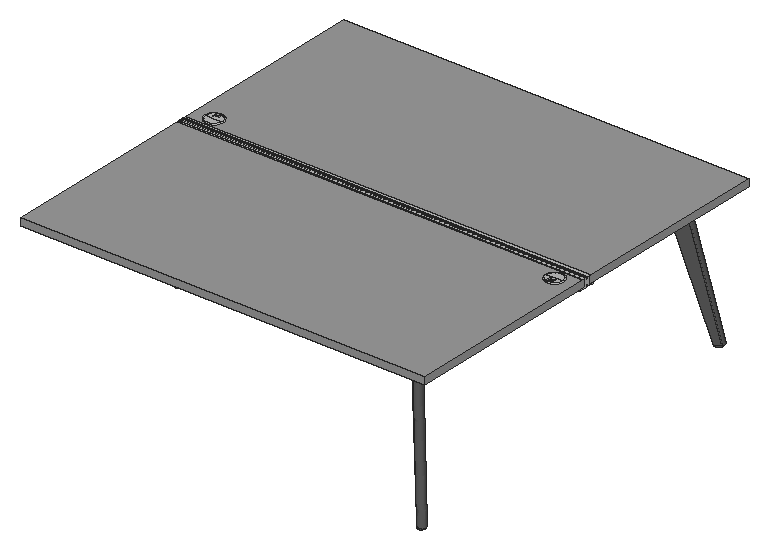
Revit family "Haworth_AWood_Bench_FixedLegs_DoubleEndModule_EU_PRELIMINARY", category Furniture, Revit 2019
Family settings
  OmniClass Number = 23.40.70.14.64.11
  OmniClass Title = Office Furniture
  Work Plane-Based = No
  Always vertical = Yes
  Cut with Voids When Loaded = No
  Shared = No
  Room Calculation Point = No
Parameters (values of type "200 x 200")
  Worksurface Depth = "160, 180, 200cm"  # constant formula
  Worksurface Width = "120, 140, 160, 180, 200cm"  # constant formula
  Warranty = "http://www.haworth.com/resources/product-info/warranties"
  URL - Product = "https://www.haworth.com/eu/en/products/office-desks/a-wood.html?_br_psugg_q=awood"
  Type Comments = ""
  URL = "https://www.haworth.com/eu/en.html"
  Trim Finish = Haworth _ Metal _ Structured White EC
  Tray Depth = Actual Depth - 60 cm  # 140 cm
  Top Finish [instance] = Haworth _ Laminate _ Undecided _ Tables
  Small = no
  Size = "Verify Final Dim.w/ Haworth"  # constant formula
  Round Cable Outlet = yes
  Revision Number = "1"  # constant formula
  No Accessory Kit = not(or(Accessory Kit, Flip Top Cable Outlet, Round Cable Outlet))  # no
  Model = "AWB5LXXXX"  # constant formula
  Medium = not(or(Large, Small))  # no
  Manufacturer = "Haworth"  # constant formula
  Leg Height = Actual Height - 3.5 cm  # 69.5 cm
  Large = yes
  Flip Top Finish = Haworth _ Paint _ Metallic Silver
  Flip Top Cable Outlet = no
  Description = "Haworth - A_Wood - Fixed Legs - Double End Module"  # constant formula
  Depth = if(Central Rail, Actual Depth / 2 - 1 cm, Actual Depth)  # 99 cm
  Central Rail = yes
  Base Finish [instance] = Haworth _ Paint _ Black
  Author = "Haworth (Abd Rahman)"  # constant formula
  Assembly Code = "E2020200"
  Actual Width = 200 cm
  Actual Height = 73 cm  # constant formula
  Actual Depth = if(Small, 160 cm, if(Medium, 180 cm, 200 cm))  # 200 cm
  Accessory Kit = yes
Types (8, lengths in cm): name | Tray Depth | Small | Round Cable Outlet | No Accessory Kit | Medium | Large | Flip Top Cable Outlet | Depth | Central Rail | Actual Width | Actual Depth | Accessory Kit
  120 x 160 | 100 | yes | no | yes | no | no | no | 160 | no | 120 | 160 | no
  140 x 180 | 120 | no | no | yes | yes | no | no | 89 | yes | 140 | 180 | no
  160 x 200 | 140 | no | yes | no | no | yes | no | 99 | yes | 160 | 200 | no
  180 x 160 | 100 | yes | no | no | no | no | yes | 160 | no | 180 | 160 | yes
  200 x 180 | 120 | no | yes | no | yes | no | no | 89 | yes | 200 | 180 | no
  200 x 200 | 140 | no | yes | no | no | yes | no | 99 | yes | 200 | 200 | yes
  160 x 160 | 100 | yes | no | no | no | no | yes | 160 | no | 160 | 160 | yes
  180 x 180 | 120 | no | no | yes | yes | no | no | 89 | yes | 180 | 180 | no
Reference planes (cm)
  plane 1 "Center F/B": y = 17.4526
  plane 2: z = 0
  plane 3 "Center L/R": x = 11.43
  plane 4 "Top": z = 73
  plane 5 "Left": x = -88.57
  plane 6 "Right": x = 111.43
  plane 7 "Back": y = 117.4526
  plane 8 "Front": y = -82.5474
  plane 9: y = 102.4526
  plane 10: y = -67.5474
  plane 11: z = 70.5
  plane 12: z = 69.5
  plane 13: x = -83.57
  plane 14: x = 106.43
  plane 15: x = -68.57
Dimensions and locks (cm)
  "Actual Height": plane 4 "Top" to level
  equal spacing: plane 7 "Back", plane 1 "Center F/B", plane 8 "Front"
  "Actual Depth": plane 7 "Back" to plane 8 "Front"
  equal spacing: plane 5 "Left", plane 3 "Center L/R", plane 6 "Right"
  "Actual Width": plane 5 "Left" to plane 6 "Right"
  plane 4 "Top" to plane 11 to plane 12 = 2.5 cm locked, 1 cm locked
  locked: plane 5 "Left" to plane 13 at 5
  locked: plane 14 to plane 6 "Right" at 5
  locked: plane 8 "Front" to plane 10 at 15
  locked: plane 7 "Back" to plane 9 at 15
  locked: plane 5 "Left" to plane 15 at 20
  aligned and locked: plane 3 "Center L/R" to nested 3
  aligned and locked: nested 3 to plane 4 "Top"
  aligned and locked: nested 4 to plane 13
  aligned and locked: plane 4 "Top" to nested 4
  aligned and locked: plane 3 "Center L/R" to nested 2
  aligned and locked: nested 2 to plane 8 "Front"
  aligned and locked: plane 3 "Center L/R" to nested 5
  aligned and locked: plane 7 "Back" to nested 5
  aligned and locked: plane 3 "Center L/R" to nested 6
  aligned and locked: nested 6 to plane 1 "Center F/B"
  aligned and locked: nested 6 to plane 4 "Top"
  aligned and locked: nested 6 to nested 3
  aligned and locked: nested 7 to plane 3 "Center L/R"
  aligned and locked: nested 7 to nested 6
  aligned and locked: plane 4 "Top" to nested 7
  aligned and locked: nested 6 to nested 4
  aligned and locked: nested 8 to plane 14
  aligned and locked: plane 4 "Top" to nested 8
  aligned and locked: nested 6 to nested 8
  aligned and locked: nested 1 to plane 1 "Center F/B"
  aligned and locked: plane 15 to nested 1
  aligned and locked: nested 9 to plane 1 "Center F/B"
  aligned and locked: nested 9 to plane 14
  aligned and locked: nested 9 to plane 12
  aligned and locked: nested 10 to plane 9
  aligned and locked: nested 10 to plane 14
  aligned and locked: plane 10 to nested 11
  aligned and locked: nested 11 to plane 14
  aligned and locked: nested 10 to plane 12
  aligned and locked: plane 12 to nested 11
Nested families (cm)
  nested 1: "Haworth_A_Wood_SingleLeg_PART" at (-7.9589, 15.6423, 0) x (0.7071, -0.7071, 0) z (0, 0, 1), Leg Finish <- "Base Finish", type "A_Wood Legs - PART"
    with Leg Finish Haworth _ Paint _ Black
  nested 2: "Haworth_A_Wood_Top_Rectangular-PART" at (170.2444, 38.0136, 0), Top Finish <- "Top Finish", visible <- "Central Rail", type "A_Wood Top Rectangular - PART"
    with Top Finish Haworth _ Laminate _ Undecided _ Tables, Void Depth 0 cm, Scallop no, Rounded Corners no, Actual Width 200 cm, Actual Depth 99 cm
  nested 3: "Haworth-Flip Top" at (9.9813, 26.3193, -7), visible <- "Flip Top Cable Outlet", type "Flip Top - Visio"
    with Actual Width 25 cm
  nested 4: "Haworth_Grommet-PART" at (-63.3841, 54.6626, 20.7768), visible <- "Round Cable Outlet", type "Cable Outlet"
  nested 5: "Haworth_A_Wood_Top_Rectangular-PART" at (170.2444, 139.0136, 0), Top Finish <- "Top Finish", type "A_Wood Top Rectangular - PART"
    with Top Finish Haworth _ Laminate _ Undecided _ Tables, Void Depth 0 cm, Scallop no, Rounded Corners no, Actual Width 200 cm, Actual Depth 99 cm
  nested 6: "Haworth_A_Wood_Accessories_CentralRail_PART" at (170.2444, 67.0136, -0.075), visible <- "Central Rail", type "A_Wood Rail - PART"
    with Actual Width 200 cm
  nested 7: "Haworth-Flip Top" at (9.9813, 8.586, -7), visible <- "Flip Top Cable Outlet", type "Flip Top - Visio"
    with Actual Width 25 cm
  nested 8: "Haworth_Grommet-PART" at (86.2441, -19.7574, 20.7768) x (-1, 0, 0) z (0, 0, 1), visible <- "Round Cable Outlet", type "Cable Outlet"
  nested 9: "Haworth_A_Wood_Accessories_SideGirder_PART" at (40.3691, 176.267, -3.5) x (0, 1, 0) z (0, 0, 1), type "A_Wood Legs - PART"
    with Actual Width 140 cm
  nested 10: "Haworth_A_Wood_SingleLeg_PART" at (46.6156, 52.2596, 0) x (-1, 0, 0) z (0, 0, 1), Leg Finish <- "Base Finish", type "A_Wood Legs - PART"
    with Leg Finish Haworth _ Paint _ Black
  nested 11: "Haworth_A_Wood_SingleLeg_PART" at (46.6156, -17.3543, 0) x (-1, 0, 0) z (0, 0, 1), Leg Finish <- "Base Finish", type "A_Wood Legs - PART"
    with Leg Finish Haworth _ Paint _ Black
Definition of nested family "Haworth_A_Wood_SingleLeg_PART"
  Parameters (values of type "A_Wood Legs - PART")
    Warranty = "https://www.haworth.com/resources/product-info/warranties"
    URL - Product = ""
    Model = "Haworth - A_Wood"  # constant formula
    Metal Finish = none
    Leg Finish [instance] = none
    Description = "Haworth - A_Wood - Legs - PART"  # constant formula
    URL = ""
    Revision Number = "1"  # constant formula
    Manufacturer = "Haworth"  # constant formula
    Author = "Haworth (Abd Rahman)"  # constant formula
    Assembly Code = "E2020200"
    Actual Height = 73 cm  # constant formula
  Reference planes (cm)
    plane 1 "Bottom": z = 0
    plane 2 "Top": z = 73
    plane 3 "Top Bottom": z = 69.5
    plane 4: x = -59.8144
    plane 5: x = -39.3144
    plane 6: y = -39.9431
    plane 7 "Front": y = -60.4431
    plane 8: x = -49.5644
    plane 9: y = -50.1931
  Forms (cm)
    SweptBlend 1, solid, material <- "Leg Finish"
      path origin (-58.7425, -59.2694, 121.92) x (-0.707107, -0.707107, 0) y (0, 0, -1)
        loop
          line (-1.6984, 123.3068) -> (-17.8231, 51.5727)
      profile origin (-57.5416, -58.0684, -1.3868) x (-0.689892, -0.689892, 0.219313) y (0.707107, -0.707107, 0)
        loop
          line (-2.6886, 1.6172) -> (-2.6886, -2.1828) -> (0.0676, -2.1828)
          arc (0.0676, -2.1828) -> (1.9676, -0.2828) -> (0.0676, 1.6172) r 1.9
          line (0.0676, 1.6172) -> (-2.6886, 1.6172)
      end profile origin (-46.1396, -46.6665, 70.3473) x (-0.689892, -0.689892, 0.219313) y (0.707107, -0.707107, 0)
        loop
          line (-7.1321, -2.1828) -> (0, -2.1828)
          arc (0, -2.1828) -> (1.9, -0.2828) -> (0, 1.6172) r 1.9
          line (0, 1.6172) -> (-7.1321, 1.6172) -> (-7.1321, -2.1828)
    Extrusion 2, void
      sketch origin (-58.7425, -59.2694, 121.92) x (-0.707107, -0.707107, 0) y (0, 0, -1)
        loop
          line (-22.8359, 60.9135) -> (-31.3359, 60.9135) -> (-31.3359, 46.4135) -> (-6.8632, 46.4135) -> (-6.8632, 53.0135) -> (-22.8359, 53.0135) -> (-22.8359, 60.9135)
        loop
          line (1.2172, 120.9135) -> (1.2172, 124.4135) -> (-5.7828, 124.4135) -> (-5.7828, 120.9135) -> (1.2172, 120.9135)
      from -2.1828 to 1.6172
    Extrusion 3, solid, material <- "Metal Finish"
      sketch origin (22.515, 0, 0) x (-1, 0, 0) y (0, -1, 0)
        loop
          arc (63.3082, 55.3567) -> (64.353, 43.9204) -> (75.222, 40.2132) r 10.5502
          arc (75.222, 40.2132) -> (77.0947, 53.9447) -> (63.3082, 55.3567) r 9.6395
        loop
          circle (75.5231, 43.1034) r 0.6436
        loop
          circle (69.4207, 42.3367) r 0.5
        loop
          circle (63.9678, 47.7855) r 0.5
        loop
          circle (64.6924, 53.9741) r 0.6849
        loop
          circle (74.6212, 53.0565) r 0.7071
      from 68.9065 to 69.5
    Revolve 4, solid
      sketch origin (-0.1869, -57.1918, 0) x (1, 0, 0) y (0, 0, 1)
        loop
          line (-56.6292, 1.0037) -> (-56.6292, 0) -> (-54.9292, 0) -> (-54.9292, 0.4) -> (-56.0292, 0.4) -> (-56.0292, 1.0037) -> (-56.6292, 1.0037)
        axis (-56.6292, 1.0037) -> (-56.6292, 0)
      angle from 0 to 360
    Extrusion 5, solid, material <- "Metal Finish"
      sketch origin (-25.6346, -85.9201, 0) x (0.707107, -0.707107, 0) y (0, 0, 1)
        loop
          line (-44.0328, 69.5) -> (-44.0328, 62.4065) -> (-41.0328, 62.4065) -> (-41.0328, 69.5) -> (-44.0328, 69.5)
        loop
          circle (-42.5693, 66.9745) r 1
        loop
          circle (-42.5978, 63.7457) r 1
      from -18.4115 to -18.1579
    Extrusion 6, void
      sketch origin (-25.6346, -85.9201, 0) x (0.707107, -0.707107, 0) y (0, 0, 1)
        loop
          circle (-42.5693, 66.9745) r 1
        loop
          circle (-42.5978, 63.7457) r 1
      from -20.0066 to -17.9454
  Cuts and joins
    Extrusion 2, Extrusion 6 cuts SweptBlend 1
    Extrusion 6 cuts Extrusion 5
    joined: Extrusion 3, Extrusion 5
  Lines and regions (cm)
    symbolic lines, detail levels medium+fine
      curve 1: arc (-53.9353, -40.9662, 0) -> (-42.6617, -43.3429, 0) -> (-40.285, -54.6165, 0) r 10.5502
      curve 2: arc (-40.285, -54.6165, 0) -> (-46.2123, -57.5166, 0) -> (-52.6178, -55.9317, 0) r 9.6539
      curve 3: line (-58.7572, -56.6971, 0) -> (-55.2939, -53.2338, 0)
      curve 4: line (-52.6178, -55.9317, 0) -> (-56.0702, -59.3841, 0)
      curve 5: arc (-56.074, -59.3805, 0) -> (-58.786, -59.4129, 0) -> (-58.7536, -56.7008, 0) r 1.8953
      curve 6: arc (-55.2939, -53.2338, 0) -> (-56.8312, -46.8545, 0) -> (-53.9353, -40.9662, 0) r 9.6539
  Dimensions and locks (cm)
    "Actual Height": plane 2 "Top" to level
    plane 2 "Top" to plane 3 "Top Bottom" = 3.5 cm
    equal spacing: plane 4, plane 8, plane 5
    equal spacing: plane 6, plane 9, plane 7 "Front"
    Extrusion 5 sketch curve to cut or joined group of SweptBlend 1, Extrusion 2, Extrusion 6 = 0.3942 cm
    Extrusion 5 sketch curve to Extrusion 5 sketch curve = 3 cm
  Automatic sketch dimensions
    curve 2 to curve 6 = 0 cm  (x2)
    plane 4 to curve 5 = 2.3685 cm
    plane 4 to curve 3 = 4.5204 cm
    curve 4 to plane 8 = 3.0535 cm
    curve 1 to plane 8 = 0.5574 cm
    plane 8 to curve 6 = 2.3284 cm
    curve 5 to plane 7 "Front" = 2.3704 cm
    curve 4 to plane 7 "Front" = 4.5114 cm
    curve 3 to plane 9 = 3.0407 cm
    curve 1 to plane 9 = 0.6099 cm
    curve 1 to curve 6 = 2.8858 cm
    plane 4 to curve 5 = 1.0607 cm
    curve 3 to curve 5 = 0.0036 cm
    curve 5 to curve 5 = 1.3718 cm
    curve 4 to plane 7 "Front" = 1.059 cm
    curve 5 to curve 4 = 0.0038 cm
    curve 1 to plane 6 = 1.0231 cm
    curve 4 to curve 5 = 0.0036 cm
    curve 5 to curve 3 = 0.0038 cm
    plane 3 "Top Bottom" to SweptBlend 1 sketch curve = 0.8473 cm
    SweptBlend 1 sketch curve to level = 1.3868 cm
    SweptBlend 1 sketch curve to SweptBlend 1 sketch curve = 16.1248 cm
    profile plane to SweptBlend 1 sketch curve = 1.6172 cm
    profile plane to SweptBlend 1 sketch curve = 2.6886 cm
    SweptBlend 1 sketch curve to profile plane = 0.0676 cm
    SweptBlend 1 sketch curve to profile plane = 0.2828 cm  (x2)
    SweptBlend 1 sketch curve to profile plane = 0 cm
    SweptBlend 1 sketch curve to profile plane = 2.1828 cm
    SweptBlend 1 sketch curve to SweptBlend 1 sketch curve = 7.1321 cm
    Extrusion 2 sketch curve to plane 3 "Top Bottom" = 8.4935 cm
    Extrusion 2 sketch curve to Extrusion 2 sketch curve = 8.5 cm
    Extrusion 2 sketch curve to plane 3 "Top Bottom" = 0.5935 cm
    Extrusion 2 sketch curve to Extrusion 2 sketch curve = 15.9727 cm
    level to Extrusion 2 sketch curve = 1.0065 cm
    Extrusion 2 sketch curve to Extrusion 2 sketch curve = 17.0531 cm
    Extrusion 2 sketch curve to level = 2.4935 cm
    Extrusion 2 sketch curve to Extrusion 2 sketch curve = 7 cm
    plane 2 "Top" to Extrusion 2 sketch curve = 2.5065 cm
    plane 5 to Extrusion 3 sketch curve = 2.1385 cm
    plane 5 to Extrusion 3 sketch curve = 2.8631 cm
    Extrusion 3 sketch curve to plane 8 = 2.6586 cm
    Extrusion 3 sketch curve to plane 8 = 2.5606 cm
    plane 8 to Extrusion 3 sketch curve = 0.5653 cm
    plane 8 to Extrusion 3 sketch curve = 2.5418 cm
    plane 8 to Extrusion 3 sketch curve = 3.4437 cm
    plane 9 to Extrusion 3 sketch curve = 3.781 cm
    plane 9 to Extrusion 3 sketch curve = 2.8634 cm
    plane 9 to Extrusion 3 sketch curve = 0.2507 cm
    Extrusion 3 sketch curve to Extrusion 3 sketch curve = 2.4593 cm
    Extrusion 3 sketch curve to plane 9 = 2.4076 cm
    plane 6 to Extrusion 3 sketch curve = 3.1604 cm
    plane 6 to Extrusion 3 sketch curve = 2.3936 cm
    plane 5 to Extrusion 3 sketch curve = 1.4789 cm
    plane 6 to Extrusion 3 sketch curve = 0.2702 cm
    Revolve 4 sketch curve to level = 0 cm
    level to Revolve 4 sketch curve = 1.0037 cm
    plane 4 to Revolve 4 sketch curve = 2.9983 cm
    Revolve 4 sketch curve to Revolve 4 sketch curve = 0.6 cm
    Revolve 4 sketch curve to Revolve 4 sketch curve = 1.1 cm
    Revolve 4 sketch curve to Revolve 4 sketch curve = 0.4 cm
    Revolve 4 sketch curve to Revolve 4 sketch curve = 0 cm  (x2)
    Revolve 4 sketch curve to level = 0.0502 cm
    Extrusion 5 sketch curve to Extrusion 5 sketch curve = 1.435 cm
    Extrusion 5 sketch curve to Extrusion 5 sketch curve = 1.4634 cm
    Extrusion 5 sketch curve to plane 3 "Top Bottom" = 7.0935 cm
    Extrusion 5 sketch curve to Extrusion 5 sketch curve = 1.3391 cm
    Extrusion 5 sketch curve to plane 3 "Top Bottom" = 2.5255 cm
    Extrusion 5 sketch curve to plane 3 "Top Bottom" = 0 cm
    Extrusion 6 sketch curve to Extrusion 6 sketch curve = 3.2289 cm
    Extrusion 6 sketch curve to plane 3 "Top Bottom" = 5.7543 cm
    Extrusion 6 sketch curve to Extrusion 6 sketch curve = 0.0285 cm
    radius of Extrusion 3 sketch curve = 0.6436 cm
    radius of Extrusion 3 sketch curve = 0.5 cm  (x2)
    radius of Extrusion 3 sketch curve = 0.6849 cm
    radius of Extrusion 3 sketch curve = 0.7071 cm
    radius of Extrusion 5 sketch curve = 1 cm  (x2)
    radius of Extrusion 6 sketch curve = 1 cm  (x2)
Definition of nested family "Haworth_A_Wood_Top_Rectangular-PART"
  Parameters (values of type "A_Wood Top Rectangular - PART")
    Warranty = "https://www.haworth.com/resources/product-info/warranties"
    Void Depth = 15 cm
    URL - Product = ""
    Top Finish [instance] = none
    Thickness = 3.5 cm
    Squared Corners = yes
    Scallop = yes
    Rounded Corners = yes
    Rectangle = no
    Model = "Haworth - A_Wood"  # constant formula
    Description = "Haworth - A_Wood - Rectangular - Top - PART"  # constant formula
    URL = ""
    Revision Number = "1"  # constant formula
    Manufacturer = "Haworth"  # constant formula
    Author = "Haworth (Abd Rahman)"  # constant formula
    Assembly Code = "E2020200"
    Actual Width = 120 cm
    Actual Depth = 100 cm
  Reference planes (cm)
    plane 1 "Bottom": z = 0
    plane 2 "Top": z = 73
    plane 3 "Top Bottom": z = 69.5
    plane 4: x = -218.8144
    plane 5 "Right": x = -98.8144
    plane 6: y = -21.0609
    plane 7 "Front": y = -121.0609
    plane 8: x = -158.8144
    plane 9: y = -71.0609
    plane 10: y = -36.0609
    plane 11: x = -194.8144
    plane 12: x = -122.8144
  Forms (cm)
    Extrusion 1, solid, material <- "Top Finish", visible <- "Squared Corners"
      sketch origin (0, 0, 0) x (1, 0, 0) y (0, 1, 0)
        loop
          line (-218.8144, -21.0609) -> (-218.8144, -121.0609) -> (-98.8144, -121.0609) -> (-98.8144, -21.0609) -> (-218.8144, -21.0609)
      from 69.5 to 73
    Extrusion 2, solid, material <- "Top Finish", visible <- "Rounded Corners"
      sketch origin (0, 0, 0) x (1, 0, 0) y (0, 1, 0)
        loop
          arc (-214.8144, -21.0609) -> (-217.6428, -22.2325) -> (-218.8144, -25.0609) r 4
          line (-218.8144, -25.0609) -> (-218.8144, -117.0609)
          arc (-218.8144, -117.0609) -> (-217.6428, -119.8893) -> (-214.8144, -121.0609) r 4
          line (-214.8144, -121.0609) -> (-102.8144, -121.0609)
          arc (-102.8144, -121.0609) -> (-99.9859, -119.8893) -> (-98.8144, -117.0609) r 4
          line (-98.8144, -117.0609) -> (-98.8144, -25.0609)
          arc (-98.8144, -25.0609) -> (-99.9859, -22.2325) -> (-102.8144, -21.0609) r 4
          line (-102.8144, -21.0609) -> (-214.8144, -21.0609)
      from 69.5 to 73
    Extrusion 3, void
      sketch origin (0, 0, 0) x (1, 0, 0) y (0, 1, 0)
        loop
          line (-194.8144, -21.0609) -> (-189.1575, -36.0609) -> (-128.4712, -36.0609) -> (-122.8144, -21.0609) -> (-194.8144, -21.0609)
      from 0 to 182.4895
  Cuts and joins
    Extrusion 3 cuts Extrusion 2
    Extrusion 3 cuts Extrusion 1
  Lines and regions (cm)
    Masking region 1, visible <- "Squared Corners"
      outline origin (0, 0, 0) x (1, 0, 0) y (0, 1, 0)
        loop
          line (-218.8144, -21.0609) -> (-218.8144, -121.0609) -> (-98.8144, -121.0609) -> (-98.8144, -21.0609) -> (-218.8144, -21.0609)
    Masking region 2
      outline origin (0, -0.1905, 0) x (1, 0, 0) y (0, 1, 0)
        loop
          arc (-215.1194, -20.8704) -> (-217.7534, -22.199) -> (-218.8144, -24.9517) r 4.1015
          line (-218.8144, -24.9517) -> (-218.8144, -117.0498)
          arc (-218.8144, -117.0498) -> (-217.6953, -119.7514) -> (-214.9938, -120.8704) r 3.8205
          line (-214.9938, -120.8704) -> (-102.6349, -120.8704)
          arc (-102.6349, -120.8704) -> (-99.9334, -119.7514) -> (-98.8144, -117.0498) r 3.8205
          line (-98.8144, -117.0498) -> (-98.8144, -24.9517)
          arc (-98.8144, -24.9517) -> (-99.8753, -22.199) -> (-102.5093, -20.8704) r 4.1015
          line (-102.5093, -20.8704) -> (-215.1194, -20.8704)
  Dimensions and locks (cm)
    equal spacing: plane 4, plane 8, plane 5 "Right"
    equal spacing: plane 6, plane 9, plane 7 "Front"
    "Actual Depth": plane 7 "Front" to plane 6
    "Actual Width": plane 4 to plane 5 "Right"
    plane 2 "Top" to plane 3 "Top Bottom" = 3.5 cm  (x2)
    "Thickness": plane 2 "Top" to plane 3 "Top Bottom"
    locked: plane 4 to plane 11 at 24
    locked: plane 12 to plane 5 "Right" at 24
    "Void Depth": plane 10 to plane 6
    aligned and locked: Extrusion 1 sketch curve to plane 5 "Right"
    aligned and locked: Extrusion 1 sketch curve to plane 6
    aligned and locked: plane 4 to Extrusion 1 sketch curve
    aligned and locked: Extrusion 1 sketch curve to plane 7 "Front"
    aligned and locked: plane 2 "Top" to Extrusion 1
    aligned and locked: Extrusion 1 to plane 3 "Top Bottom"
    aligned and locked: Masking region 1 sketch curve to plane 5 "Right"
    aligned and locked: Masking region 1 sketch curve to plane 6
    aligned and locked: plane 4 to Masking region 1 sketch curve
    aligned and locked: Masking region 1 sketch curve to plane 7 "Front"
    aligned and locked: plane 6 to Masking region 2
    aligned and locked: plane 5 "Right" to Masking region 2
    aligned and locked: plane 7 "Front" to Extrusion 2
    aligned and locked: plane 7 "Front" to Masking region 2
    aligned and locked: Masking region 2 to plane 4
    aligned and locked: plane 10 to Extrusion 3 sketch curve
    aligned and locked: plane 6 to Extrusion 3 sketch curve
  Automatic sketch dimensions
    Extrusion 2 sketch curve to plane 4 = 0 cm
    plane 7 "Front" to Extrusion 2 sketch curve = 0 cm
    Extrusion 2 sketch curve to plane 6 = 0 cm
    Extrusion 2 sketch curve to plane 5 "Right" = 0 cm
    plane 4 to Extrusion 2 sketch curve = 4 cm  (x2)
    Extrusion 2 sketch curve to plane 5 "Right" = 4 cm  (x2)
    plane 4 to Masking region 2 sketch curve = 0 cm
    Masking region 2 sketch curve to plane 7 "Front" = 0 cm
    Masking region 2 sketch curve to plane 5 "Right" = 0 cm
    Masking region 2 sketch curve to plane 6 = 0 cm
    plane 4 to Masking region 2 sketch curve = 3.6949 cm
    Masking region 2 sketch curve to Masking region 2 sketch curve = 4.1015 cm
    Masking region 2 sketch curve to Masking region 2 sketch curve = 3.8205 cm
    Masking region 2 sketch curve to plane 5 "Right" = 3.8205 cm
    Masking region 2 sketch curve to plane 5 "Right" = 4.1015 cm
    Masking region 2 sketch curve to plane 5 "Right" = 3.6949 cm
    Extrusion 3 sketch curve to plane 11 = 0 cm  (x2)
    Extrusion 3 sketch curve to plane 6 = 0 cm  (x2)
    Extrusion 3 sketch curve to plane 12 = 0 cm  (x2)
    Extrusion 3 sketch curve to plane 11 = 5.6569 cm
    plane 12 to Extrusion 3 sketch curve = 5.6569 cm
Definition of nested family "Haworth-Flip Top"
  Parameters (values of type "Flip Top - Visio")
    Warranty = ""
    URL - Product = ""
    URL = ""
    Sustainability Info = ""
    Size = "Verify Final Dim. w/ Haworth"  # constant formula
    Single Sided = no
    Single Sided Wide = yes
    Revision Number = ""
    OmniClass Number = ""
    Material Options = ""
    Manufacturer = "Haworth"  # constant formula
    LEED Data = ""
    Flip Top Height = 2.5 cm
    Flip Top Finish = none
    Double Sided = no
    Double Sided Wide = no
    Author = "SHAPE Environments, LLC"  # constant formula
    Assembly Code = ""
    Actual Width = 20 cm
    Actual Height = 80 cm
    Actual Depth = 11 cm
  Reference planes (cm)
    plane 1 "Center F/B": y = 0.1333
    plane 2: z = 0
    plane 3 "Center L/R": x = 1.4487
    plane 4 "Back": y = 5.6333
    plane 5 "Right": x = 11.4487
    plane 6 "Front": y = -5.3667
    plane 7 "Left": x = -8.5513
    plane 8 "Table Height": z = 80
    plane 9: z = 77.5
  Forms (cm)
    Extrusion 1, solid, material <- "Flip Top Finish"
      sketch origin (0, 0, 80) x (-1, 0, 0) y (0, -1, 0)
        loop
          line (8.5513, -5.6333) -> (8.5513, 5.3667) -> (-11.4487, 5.3667) -> (-11.4487, -5.6333) -> (8.5513, -5.6333)
      from 0 to 0.3175
    Extrusion 2, solid, material <- "Flip Top Finish"
      sketch origin (0, 0, 80) x (-1, 0, 0) y (0, -1, 0)
        loop
          line (8.2338, -5.1571) -> (8.2338, 4.8904) -> (-11.1312, 4.8904) -> (-11.1312, -5.1571) -> (8.2338, -5.1571)
      from 0 to -2.5
  Cuts and joins
    joined: Extrusion 1, Extrusion 2
  Lines and regions (cm)
    symbolic lines
      curve 1: line (-8.5513, 5.6333, 80) -> (11.4487, 5.6333, 80)
      curve 2: line (-8.5513, -5.3667, 80) -> (-8.5513, 5.6333, 80)
      curve 3: line (11.4487, -5.3667, 80) -> (-8.5513, -5.3667, 80)
      curve 4: line (11.4487, 5.6333, 80) -> (11.4487, -5.3667, 80)
  Dimensions and locks (cm)
    equal spacing: plane 7 "Left", plane 3 "Center L/R", plane 5 "Right"
    "Actual Width": plane 7 "Left" to plane 5 "Right"
    equal spacing: plane 6 "Front", plane 1 "Center F/B", plane 4 "Back"
    "Actual Depth": plane 4 "Back" to plane 6 "Front"
    plane 7 "Left" to Extrusion 2 sketch curve = 0.3175 cm
    plane 4 "Back" to Extrusion 2 sketch curve = 0.4762 cm
    Extrusion 2 sketch curve to plane 5 "Right" = 0.3175 cm
    Extrusion 2 sketch curve to plane 6 "Front" = 0.4763 cm
    "Actual Height": plane 8 "Table Height" to level
    "Flip Top Height": plane 8 "Table Height" to plane 9
    aligned and locked: plane 7 "Left" to Extrusion 1 sketch curve
    aligned and locked: Extrusion 1 sketch curve to plane 4 "Back"
    aligned and locked: plane 6 "Front" to Extrusion 1 sketch curve
    aligned and locked: Extrusion 1 sketch curve to plane 5 "Right"
    aligned and locked: plane 9 to cut or joined group of Extrusion 1, Extrusion 2
  Automatic sketch dimensions
    curve 4 to plane 5 "Right" = 0 cm
    curve 2 to plane 4 "Back" = 0 cm
    curve 2 to plane 7 "Left" = 0 cm
    curve 4 to plane 6 "Front" = 0 cm
Definition of nested family "Haworth_Grommet-PART"
  Parameters (values of type "Cable Outlet")
    Warranty = "http://www.haworth.com/resources/product-info/warranties"
    Vertical = no
    URL = "www.haworth.com"
    Trim Finish = none
    Size = "Verify Final Dim. w/ Haworth"  # constant formula
    Revision Number = "1"  # constant formula
    Model = "X742"  # constant formula
    Manufacturer = "Haworth"  # constant formula
    Horizontal = yes
    Description = "Haworth - Cable Outlet - 25mm"  # constant formula
    Author = "Haworth (Abd Rahman)"  # constant formula
    Assembly Code = "E2020200"
    Actual Width = 9 cm  # constant formula
    Actual Height = 0.2 cm  # constant formula
    Actual Depth = 9 cm  # constant formula
  Reference planes (cm)
    plane 1: z = 52.2232
    plane 2 "Center L/R": x = -15.6859
    plane 3 "Center F/B": y = -29.21
    plane 4 "Top": z = 52.4232
    plane 5 "Back": y = -24.71
    plane 6 "Front": y = -33.71
    plane 7 "Right": x = -11.1859
    plane 8 "Left": x = -20.1859
    plane 9: x = -15.505
  Forms (cm)
    Revolve 1, solid, material <- "Trim Finish", visible <- "Vertical"
      sketch origin (-67.9273, -29.21, 36.6305) x (0, 0, 1) y (1, 0, 0)
        loop
          line (15.6859, 52.4223) -> (11.5684, 52.4223)
          arc (11.5684, 52.4223) -> (11.398, 52.3576) -> (11.2576, 52.2414) r 0.557
          line (11.2576, 52.2414) -> (15.6859, 52.2414) -> (15.6859, 52.4223)
        axis (15.6859, 52.4223) -> (15.6859, 52.2414)
      angle from 0 to 360
    Extrusion 2, void
      sketch origin (-67.9273, 0.0749, 36.6305) x (0, 0, -1) y (0, 1, 0)
        loop
          line (-17.5569, -26.0506) -> (-17.3333, -28.1782)
          arc (-17.3333, -28.1782) -> (-17.1796, -28.323) -> (-16.9822, -28.2479) r 0.1989
          arc (-16.9822, -28.2479) -> (-16.9186, -28.1652) -> (-16.8471, -28.0891) r 1.0616
          arc (-16.8471, -28.0891) -> (-16.3186, -27.7135) -> (-15.6859, -27.5721) r 1.6402
          arc (-15.6859, -27.5721) -> (-15.1781, -27.6415) -> (-14.7164, -27.8643) r 1.6402
          arc (-14.7164, -27.8643) -> (-14.5025, -27.8909) -> (-14.3853, -27.7099) r 0.203
          line (-14.3853, -27.7099) -> (-14.1679, -25.8137)
          arc (-14.1679, -25.8137) -> (-15.8906, -25.5293) -> (-17.5569, -26.0506) r 3.7744
      from 0 to 71.12
    Revolve 3, solid, material <- "Trim Finish", visible <- "Horizontal"
      sketch origin (-0.0331, -29.3081, 0.0151) x (-1, 0, 0) y (0, 0, 1)
        loop
          line (15.6859, 52.408) -> (11.5287, 52.408)
          arc (11.5287, 52.408) -> (11.3569, 52.3343) -> (11.219, 52.208) r 0.5592
          line (11.219, 52.208) -> (15.6859, 52.208) -> (15.6859, 52.408)
        axis (15.6859, 52.408) -> (15.6859, 52.208)
      angle from 0 to 360
    Extrusion 4, void
      sketch origin (-0.0331, -0.0232, 0.0151) x (1, 0, 0) y (0, 1, 0)
        loop
          line (-17.5569, -26.0506) -> (-17.3333, -28.1782)
          arc (-17.3333, -28.1782) -> (-17.1796, -28.323) -> (-16.9822, -28.2479) r 0.1989
          arc (-16.9822, -28.2479) -> (-16.9186, -28.1652) -> (-16.8471, -28.0891) r 1.0616
          arc (-16.8471, -28.0891) -> (-16.3186, -27.7135) -> (-15.6859, -27.5721) r 1.6402
          arc (-15.6859, -27.5721) -> (-15.1781, -27.6415) -> (-14.7164, -27.8643) r 1.6402
          arc (-14.7164, -27.8643) -> (-14.5025, -27.8909) -> (-14.3853, -27.7099) r 0.203
          line (-14.3853, -27.7099) -> (-14.1679, -25.8137)
          arc (-14.1679, -25.8137) -> (-15.8906, -25.5293) -> (-17.5569, -26.0506) r 3.7744
      from 0 to 71.12
  Cuts and joins
    Extrusion 2 cuts Revolve 1
    Extrusion 4 cuts Revolve 3
  Lines and regions (cm)
    Masking region 1
      outline origin (0, 0, 0) x (1, 0, 0) y (0, 1, 0)
        loop
          circle (-15.6859, -29.2849) r 4.4363
        loop
          circle (-15.6859, -29.2849) r 4.0899
        loop
          line (-14.3853, -27.7099) -> (-14.1679, -25.8137)
          arc (-14.1679, -25.8137) -> (-15.8906, -25.5293) -> (-17.5569, -26.0506) r 3.7744
          line (-17.5569, -26.0506) -> (-17.3333, -28.1782)
          arc (-17.3333, -28.1782) -> (-17.1796, -28.323) -> (-16.9822, -28.2479) r 0.1989
          arc (-16.9822, -28.2479) -> (-16.9186, -28.1652) -> (-16.8471, -28.0891) r 1.0616
          arc (-16.8471, -28.0891) -> (-16.3186, -27.7135) -> (-15.6859, -27.5721) r 1.6402
          arc (-15.6859, -27.5721) -> (-15.1781, -27.6415) -> (-14.7164, -27.8643) r 1.6402
          arc (-14.7164, -27.8643) -> (-14.5025, -27.8909) -> (-14.3853, -27.7099) r 0.203
  Dimensions and locks (cm)
    equal spacing: plane 8 "Left", plane 2 "Center L/R", plane 7 "Right"
    "Actual Width": plane 8 "Left" to plane 7 "Right"
    equal spacing: plane 5 "Back", plane 3 "Center F/B", plane 6 "Front"
    "Actual Depth": plane 5 "Back" to plane 6 "Front"
    "Actual Height": plane 4 "Top" to plane 1
    aligned and locked: plane 3 "Center F/B" to cut or joined group of Revolve 1, Extrusion 2  (x2)
    aligned and locked: cut or joined group of Revolve 3, Extrusion 4 to plane 4 "Top"
    aligned and locked: cut or joined group of Revolve 3, Extrusion 4 to plane 1
    aligned and locked: cut or joined group of Revolve 1, Extrusion 2 to plane 2 "Center L/R"
    aligned and locked: plane 9 to cut or joined group of Revolve 1, Extrusion 2
  Automatic sketch dimensions
    Revolve 1 sketch curve to plane 1 = 4.335 cm
    Revolve 1 sketch curve to Revolve 1 sketch curve = 0.3107 cm
    Revolve 1 sketch curve to Revolve 1 sketch curve = 0.1099 cm
    Revolve 1 sketch curve to Revolve 1 sketch curve = 4.0077 cm
    Revolve 1 sketch curve to plane 7 "Right" = 4.8651 cm
    Revolve 1 sketch curve to Revolve 1 sketch curve = 0.3651 cm
    Revolve 1 sketch curve to Revolve 1 sketch curve = 0 cm  (x2)
    Revolve 1 sketch curve to Revolve 1 sketch curve = 0.0195 cm
    Extrusion 2 sketch curve to Extrusion 2 sketch curve = 0 cm  (x2)
    plane 1 to Extrusion 2 sketch curve = 1.9643 cm
    Extrusion 2 sketch curve to Extrusion 2 sketch curve = 0.4161 cm
    Extrusion 2 sketch curve to Extrusion 2 sketch curve = 1.0307 cm
    Extrusion 2 sketch curve to Extrusion 2 sketch curve = 0.4587 cm
    Extrusion 2 sketch curve to Extrusion 2 sketch curve = 0.0242 cm
    Extrusion 2 sketch curve to Extrusion 2 sketch curve = 1.0632 cm
    Extrusion 2 sketch curve to Extrusion 2 sketch curve = 0.203 cm
    Extrusion 2 sketch curve to Extrusion 2 sketch curve = 0.2174 cm
    Extrusion 2 sketch curve to plane 5 "Back" = 4.5096 cm
    Extrusion 2 sketch curve to Extrusion 2 sketch curve = 0.0825 cm
    Extrusion 2 sketch curve to Extrusion 2 sketch curve = 0.3588 cm
    Extrusion 2 sketch curve to Extrusion 2 sketch curve = 0.7253 cm
    Extrusion 2 sketch curve to Extrusion 2 sketch curve = 1.502 cm
    Extrusion 2 sketch curve to Extrusion 2 sketch curve = 0.0031 cm
    Extrusion 2 sketch curve to Extrusion 2 sketch curve = 2.0772 cm
    Extrusion 2 sketch curve to Extrusion 2 sketch curve = 0.1925 cm
    Extrusion 2 sketch curve to Extrusion 2 sketch curve = 0.1586 cm
    Extrusion 2 sketch curve to Extrusion 2 sketch curve = 0.1352 cm
    Extrusion 2 sketch curve to Extrusion 2 sketch curve = 1.0976 cm
    Extrusion 2 sketch curve to Extrusion 2 sketch curve = 0.1281 cm
    Masking region 1 sketch curve to Masking region 1 sketch curve = 0 cm  (x4)
    Masking region 1 sketch curve to plane 2 "Center L/R" = 0 cm  (x2)
    Masking region 1 sketch curve to plane 2 "Center L/R" = 0.4242 cm
    Masking region 1 sketch curve to Masking region 1 sketch curve = 1.0307 cm
    Masking region 1 sketch curve to plane 3 "Center F/B" = 1.0318 cm
    Masking region 1 sketch curve to Masking region 1 sketch curve = 0.1925 cm
    Masking region 1 sketch curve to plane 2 "Center L/R" = 1.871 cm
    plane 3 "Center F/B" to Masking region 1 sketch curve = 0.002 cm
    plane 2 "Center L/R" to Masking region 1 sketch curve = 0.0345 cm
    plane 2 "Center L/R" to Masking region 1 sketch curve = 0.0586 cm
    plane 2 "Center L/R" to Masking region 1 sketch curve = 1.0976 cm
    Masking region 1 sketch curve to Masking region 1 sketch curve = 0.203 cm
    plane 2 "Center L/R" to Masking region 1 sketch curve = 1.518 cm
    plane 3 "Center F/B" to Masking region 1 sketch curve = 0.0749 cm
    Masking region 1 sketch curve to Masking region 1 sketch curve = 0.0096 cm
    Masking region 1 sketch curve to plane 3 "Center F/B" = 0.3569 cm
    Masking region 1 sketch curve to Masking region 1 sketch curve = 0.0504 cm
    Masking region 1 sketch curve to plane 3 "Center F/B" = 1.5001 cm
    Masking region 1 sketch curve to Masking region 1 sketch curve = 0.0031 cm
    Masking region 1 sketch curve to plane 5 "Back" = 1.3406 cm
    Masking region 1 sketch curve to Masking region 1 sketch curve = 0.2938 cm
    Masking region 1 sketch curve to Masking region 1 sketch curve = 0.1586 cm
    Revolve 3 sketch curve to plane 7 "Right" = 0.0663 cm
    Revolve 3 sketch curve to Revolve 3 sketch curve = 0.3096 cm
    Revolve 3 sketch curve to Revolve 3 sketch curve = 0.1316 cm
    Revolve 3 sketch curve to Revolve 3 sketch curve = 4.0256 cm
    Revolve 3 sketch curve to plane 4 "Top" = 0.5434 cm
    Revolve 3 sketch curve to Revolve 3 sketch curve = 0.3434 cm
    Revolve 3 sketch curve to Revolve 3 sketch curve = 0 cm
    Revolve 3 sketch curve to Revolve 3 sketch curve = 0.0151 cm  (x2)
    Extrusion 4 sketch curve to Extrusion 4 sketch curve = 0 cm  (x2)
    Extrusion 4 sketch curve to plane 7 "Right" = 6.4042 cm
    Extrusion 4 sketch curve to Extrusion 4 sketch curve = 0.4161 cm
    Extrusion 4 sketch curve to Extrusion 4 sketch curve = 1.0307 cm
    Extrusion 4 sketch curve to Extrusion 4 sketch curve = 0.4587 cm
    Extrusion 4 sketch curve to Extrusion 4 sketch curve = 0.0242 cm
    Extrusion 4 sketch curve to Extrusion 4 sketch curve = 1.0632 cm
    Extrusion 4 sketch curve to Extrusion 4 sketch curve = 0.203 cm
    Extrusion 4 sketch curve to Extrusion 4 sketch curve = 0.2174 cm
    Extrusion 4 sketch curve to plane 5 "Back" = 4.6077 cm
    Extrusion 4 sketch curve to Extrusion 4 sketch curve = 0.0825 cm
    Extrusion 4 sketch curve to Extrusion 4 sketch curve = 0.3588 cm
    Extrusion 4 sketch curve to Extrusion 4 sketch curve = 0.7253 cm
    Extrusion 4 sketch curve to Extrusion 4 sketch curve = 1.502 cm
    Extrusion 4 sketch curve to Extrusion 4 sketch curve = 0.0031 cm
    Extrusion 4 sketch curve to Extrusion 4 sketch curve = 2.0772 cm
    Extrusion 4 sketch curve to Extrusion 4 sketch curve = 0.1925 cm
    Extrusion 4 sketch curve to Extrusion 4 sketch curve = 0.1586 cm
    Extrusion 4 sketch curve to Extrusion 4 sketch curve = 0.1352 cm
    Extrusion 4 sketch curve to Extrusion 4 sketch curve = 1.0976 cm
    Extrusion 4 sketch curve to Extrusion 4 sketch curve = 0.1281 cm
    radius of Masking region 1 sketch curve = 4.4363 cm
    radius of Masking region 1 sketch curve = 4.0899 cm
Definition of nested family "Haworth_A_Wood_Accessories_CentralRail_PART"
  Parameters (values of type "A_Wood Rail - PART")
    Warranty = "https://www.haworth.com/resources/product-info/warranties"
    URL - Product = ""
    Model = "Haworth - A_Wood"  # constant formula
    Metal Finish = none
    Description = "Haworth - A_Wood - Rail - PART"  # constant formula
    URL = ""
    Revision Number = "1"  # constant formula
    Manufacturer = "Haworth"  # constant formula
    Author = "Haworth (Abd Rahman)"  # constant formula
    Assembly Code = "E2020200"
    Actual Width = 100 cm
    Actual Height = 73 cm  # constant formula
    Actual Depth = 7 cm  # constant formula
  Reference planes (cm)
    plane 1 "Bottom": z = 0
    plane 2 "Top": z = 73.25
    plane 3: x = -208.8144
    plane 4 "Right": x = -108.8144
    plane 5: y = -46.0609
    plane 6 "Front": y = -53.0609
    plane 7: x = -158.8144
    plane 8: y = -49.5609
    plane 9: z = 68.85
  Forms (cm)
    Extrusion 1, solid, material <- "Metal Finish"
      sketch origin (-108.8144, 0, 0) x (0, 1, 0) y (0, 0, 1)
        loop
          line (-48.2875, 69.375) -> (-48.2875, 73.075) -> (-47.0761, 73.075) -> (-46.9836, 73.1675) -> (-47.0661, 73.25) -> (-48.9815, 73.25) -> (-48.9815, 72.9105) -> (-48.6875, 72.8586) -> (-48.6875, 72.575) -> (-49.2325, 72.0725) -> (-49.2325, 70.4825) -> (-49.7174, 70.4825) -> (-49.7174, 72.0494) -> (-50.2875, 72.575) -> (-50.2875, 72.8392) -> (-50.0209, 72.9106) -> (-50.0209, 73.25) -> (-51.893, 73.25) -> (-52.0045, 73.1386) -> (-51.9409, 73.075) -> (-50.6875, 73.075) -> (-50.6875, 69.375) -> (-52.9875, 69.375) -> (-52.9875, 68.975) -> (-52.8875, 68.875) -> (-51.5875, 68.875) -> (-51.4375, 69.075) -> (-50.2375, 69.075) -> (-50.2375, 70.175) -> (-48.7375, 70.175) -> (-48.7375, 69.075) -> (-47.5375, 69.075) -> (-47.3875, 68.875) -> (-46.0875, 68.875) -> (-45.9875, 68.975) -> (-45.9875, 69.375) -> (-48.2875, 69.375)
      from -100 to 0
  Lines and regions (cm)
    symbolic lines, detail levels medium+fine
      curve 1: line (-208.8144, -46.0609, 0) -> (-108.8144, -46.0609, 0)
      curve 2: line (-208.8144, -53.0609, 0) -> (-208.8144, -46.0609, 0)
      curve 3: line (-108.8144, -53.0609, 0) -> (-208.8144, -53.0609, 0)
      curve 4: line (-108.8144, -46.0609, 0) -> (-108.8144, -53.0609, 0)
  Dimensions and locks (cm)
    equal spacing: plane 3, plane 7, plane 4 "Right"
    equal spacing: plane 5, plane 8, plane 6 "Front"
    "Actual Depth": plane 6 "Front" to plane 5
    "Actual Width": plane 3 to plane 4 "Right"
    locked: plane 2 "Top" to plane 9 at 4.4
    aligned and locked: curve 4 to plane 4 "Right"
    aligned and locked: curve 1 to plane 5
    aligned and locked: plane 3 to curve 2
    aligned and locked: curve 3 to plane 6 "Front"
    aligned and locked: Extrusion 1 to plane 3
    aligned and locked: plane 4 "Right" to Extrusion 1
  Automatic sketch dimensions
    Extrusion 1 sketch curve to plane 2 "Top" = 0 cm  (x2)
    plane 9 to Extrusion 1 sketch curve = 0.125 cm  (x2)
    Extrusion 1 sketch curve to plane 8 = 3.4266 cm
    plane 9 to Extrusion 1 sketch curve = 0.025 cm  (x4)
    Extrusion 1 sketch curve to Extrusion 1 sketch curve = 0.1 cm  (x2)
    Extrusion 1 sketch curve to plane 8 = 2.38 cm
    Extrusion 1 sketch curve to Extrusion 1 sketch curve = 1.3 cm  (x2)
    plane 9 to Extrusion 1 sketch curve = 0.225 cm  (x3)
    Extrusion 1 sketch curve to Extrusion 1 sketch curve = 0.15 cm  (x2)
    Extrusion 1 sketch curve to Extrusion 1 sketch curve = 0.75 cm  (x2)
    Extrusion 1 sketch curve to plane 8 = 1.1266 cm
    Extrusion 1 sketch curve to Extrusion 1 sketch curve = 0.4 cm  (x2)
    Extrusion 1 sketch curve to Extrusion 1 sketch curve = 0.45 cm  (x2)
    Extrusion 1 sketch curve to plane 8 = 0.4599 cm
    Extrusion 1 sketch curve to plane 8 = 0.1565 cm
    plane 8 to Extrusion 1 sketch curve = 0.3284 cm
    plane 8 to Extrusion 1 sketch curve = 0.5794 cm
    plane 8 to Extrusion 1 sketch curve = 0.8234 cm
    Extrusion 1 sketch curve to Extrusion 1 sketch curve = 0.294 cm
    plane 9 to Extrusion 1 sketch curve = 0.525 cm  (x2)
    Extrusion 1 sketch curve to plane 2 "Top" = 0.175 cm
    Extrusion 1 sketch curve to Extrusion 1 sketch curve = 1.2114 cm
    Extrusion 1 sketch curve to Extrusion 1 sketch curve = 0.01 cm
    Extrusion 1 sketch curve to plane 2 "Top" = 0.0825 cm
    Extrusion 1 sketch curve to Extrusion 1 sketch curve = 0.8 cm
    Extrusion 1 sketch curve to Extrusion 1 sketch curve = 0.3075 cm
    Extrusion 1 sketch curve to plane 2 "Top" = 1.2006 cm
    Extrusion 1 sketch curve to Extrusion 1 sketch curve = 0.0231 cm
    Extrusion 1 sketch curve to Extrusion 1 sketch curve = 0.5 cm  (x2)
    Extrusion 1 sketch curve to Extrusion 1 sketch curve = 0.2642 cm
    Extrusion 1 sketch curve to Extrusion 1 sketch curve = 0.2836 cm
    Extrusion 1 sketch curve to Extrusion 1 sketch curve = 0.0518 cm
    Extrusion 1 sketch curve to Extrusion 1 sketch curve = 0.0714 cm
    Extrusion 1 sketch curve to plane 2 "Top" = 0.1114 cm
    Extrusion 1 sketch curve to Extrusion 1 sketch curve = 0.0636 cm
    Extrusion 1 sketch curve to Extrusion 1 sketch curve = 0.1114 cm
Definition of nested family "Haworth_A_Wood_Accessories_SideGirder_PART"
  Parameters (values of type "A_Wood Legs - PART")
    Warranty = "https://www.haworth.com/resources/product-info/warranties"
    URL - Product = ""
    Model = "Haworth - A_Wood"  # constant formula
    Metal Finish = none
    Description = "Haworth - A_Wood - Legs - PART"  # constant formula
    URL = ""
    Revision Number = "1"  # constant formula
    Manufacturer = "Haworth"  # constant formula
    Author = "Haworth (Abd Rahman)"  # constant formula
    Assembly Code = "E2020200"
    Actual Width = 100 cm
    Actual Height = 73 cm  # constant formula
    Actual Depth = 20 cm  # constant formula
  Reference planes (cm)
    plane 1 "Bottom": z = 0
    plane 2 "Top": z = 73
    plane 3 "Top Bottom": z = 69
    plane 4: x = -208.8144
    plane 5 "Right": x = -108.8144
    plane 6: y = -46.0609
    plane 7 "Front": y = -66.0609
    plane 8: x = -158.8144
    plane 9: y = -56.0609
    plane 10: z = 68.8
    plane 11: x = -205.8144
    plane 12: x = -111.8144
  Forms (cm)
    Extrusion 1, solid, material <- "Metal Finish"
      sketch origin (-108.8144, 0, 0) x (0, 1, 0) y (0, 0, 1)
        loop
          line (-46.4438, 72.8) -> (-46.4438, 73) -> (-53.8764, 73)
          arc (-53.8764, 73) -> (-54.1623, 72.8816) -> (-54.2808, 72.5957) r 0.4043
          line (-54.2808, 72.5957) -> (-54.2808, 69.2022)
          arc (-54.2808, 69.2022) -> (-54.34, 69.0592) -> (-54.4829, 69) r 0.2022
          line (-54.4829, 69) -> (-57.0452, 69)
          arc (-57.0452, 69) -> (-57.1943, 69.0618) -> (-57.2561, 69.2109) r 0.2109
          line (-57.2561, 69.2109) -> (-57.2561, 72.5985)
          arc (-57.2561, 72.5985) -> (-57.3737, 72.8824) -> (-57.6576, 73) r 0.4015
          line (-57.6576, 73) -> (-65.0784, 73) -> (-65.0784, 72.8) -> (-57.6368, 72.8)
          arc (-57.6368, 72.8) -> (-57.4986, 72.7428) -> (-57.4414, 72.6047) r 0.1953
          line (-57.4414, 72.6047) -> (-57.4414, 69.1874)
          arc (-57.4414, 69.1874) -> (-57.3279, 68.9135) -> (-57.054, 68.8) r 0.3874
          line (-57.054, 68.8) -> (-54.4674, 68.8)
          arc (-54.4674, 68.8) -> (-54.194, 68.9132) -> (-54.0808, 69.1866) r 0.3866
          line (-54.0808, 69.1866) -> (-54.0808, 72.6004)
          arc (-54.0808, 72.6004) -> (-54.0223, 72.7415) -> (-53.8811, 72.8) r 0.1996
          line (-53.8811, 72.8) -> (-46.4438, 72.8)
      from -100 to 0
    Extrusion 2, void
      sketch origin (0, 0, 0) x (1, 0, 0) y (0, 1, 0)
        loop
          circle (-205.8144, -48.3577) r 0.5
        loop
          circle (-205.8144, -63.7641) r 0.5
        loop
          circle (-111.8144, -48.3577) r 0.5
        loop
          circle (-111.8144, -63.7641) r 0.5
      from 47.3173 to 109.3742
  Cuts and joins
    Extrusion 2 cuts Extrusion 1
  Lines and regions (cm)
    symbolic lines, detail levels medium+fine
      curve 1: line (-208.8144, -46.0609, 0) -> (-108.8144, -46.0609, 0)
      curve 2: line (-208.8144, -66.0609, 0) -> (-208.8144, -46.0609, 0)
      curve 3: line (-108.8144, -66.0609, 0) -> (-208.8144, -66.0609, 0)
      curve 4: line (-108.8144, -46.0609, 0) -> (-108.8144, -66.0609, 0)
  Dimensions and locks (cm)
    "Actual Height": plane 2 "Top" to level
    equal spacing: plane 4, plane 8, plane 5 "Right"
    equal spacing: plane 6, plane 9, plane 7 "Front"
    "Actual Depth": plane 7 "Front" to plane 6
    "Actual Width": plane 4 to plane 5 "Right"
    locked: plane 4 to plane 11 at 3
    locked: plane 12 to plane 5 "Right" at 3
    aligned and locked: Extrusion 1 to plane 4
    aligned and locked: plane 5 "Right" to Extrusion 1
    aligned and locked: plane 11 to Extrusion 2 sketch curve  (x2)
    aligned and locked: Extrusion 2 sketch curve to plane 12  (x2)
    aligned and locked: curve 4 to plane 5 "Right"
    aligned and locked: curve 1 to plane 6
    aligned and locked: plane 4 to curve 2
    aligned and locked: curve 3 to plane 7 "Front"
  Automatic sketch dimensions
    Extrusion 1 sketch curve to plane 2 "Top" = 0 cm  (x2)
    Extrusion 1 sketch curve to plane 10 = 0 cm
    Extrusion 1 sketch curve to plane 3 "Top Bottom" = 0 cm
    Extrusion 1 sketch curve to plane 2 "Top" = 0.2 cm
    Extrusion 1 sketch curve to plane 7 "Front" = 0.9825 cm
    Extrusion 1 sketch curve to plane 2 "Top" = 0.4015 cm
    Extrusion 1 sketch curve to plane 9 = 1.5967 cm
    Extrusion 1 sketch curve to Extrusion 1 sketch curve = 0.0209 cm
    Extrusion 1 sketch curve to Extrusion 1 sketch curve = 0.1853 cm
    Extrusion 1 sketch curve to Extrusion 1 sketch curve = 0.2021 cm
    Extrusion 1 sketch curve to Extrusion 1 sketch curve = 0.0088 cm
    plane 9 to Extrusion 1 sketch curve = 1.578 cm
    Extrusion 1 sketch curve to Extrusion 1 sketch curve = 0.0155 cm
    Extrusion 1 sketch curve to plane 2 "Top" = 0.4043 cm
    plane 9 to Extrusion 1 sketch curve = 1.7802 cm
    Extrusion 1 sketch curve to Extrusion 1 sketch curve = 0.2 cm
    Extrusion 1 sketch curve to Extrusion 1 sketch curve = 0.0047 cm  (x2)
    Extrusion 1 sketch curve to plane 6 = 0.3829 cm
    Extrusion 2 sketch curve to plane 7 "Front" = 2.2968 cm  (x2)
    Extrusion 2 sketch curve to plane 6 = 2.2968 cm  (x2)
    radius of Extrusion 2 sketch curve = 0.5 cm  (x4)
